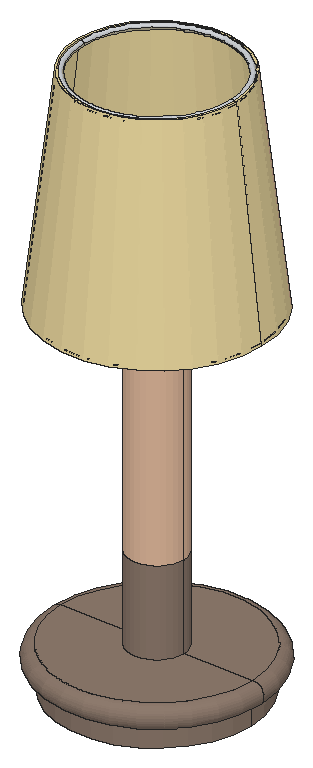
Revit family "Indoor_Table Lamp_Santa&Cole_Básica Mínima Batería", category Luminarias, Revit 2018
Family settings
  Cota de conector redondo = Diámetro de uso
  Tipo de pieza = Normal
  Número OmniClass = 23.80.70.00
  Título OmniClass = Lighting
  Se basa en plano de trabajo = No
  Siempre vertical = Sí
  Corte con vacíos al cargar = No
  Origen de luz = Sí
  Compartido = No
  Punto de cálculo de habitación = No
Parameters (values of type "Ribbon stitched")
  Ángulo de inclinación = 90.00°
  Visibility_Beige Parchment = no
  Wattage = 0.25582 W
  Technical Information = "https://www.santacole.com/recursos/productos/downloads/pdf_espec_tecnicas/SC_Basica-Minima-Bateria_ficha_tecnica.pdf"
  built-in parameter 1150110 = 1 (stored number, unit not read)
  URL = "https://www.santacole.com/en/table-lamps/?basica-minima-bateria"
  built-in parameter 1150142 = "IESNA:LM-63-2002\r\n[TEST] CL004A21F002G\r\n[TESTLAB] ASSELUM\r\n[TESTDATE] 5 Jul 2021\r\n[ISSUEDATE] 5 Jul 2021\r\n[MANUFAC] Santa&Cole\r\n[LUMCAT] BAMBTA01\r\n[LUMINAIRE] Básica Mínima Bateria (marron)\r\n[FLASHAREA] 0.017873\r\n[LAMPCAT] LED\r\n[LAMP] Custome Bulb 3V\r\n[OTHER] Absolute Photometry\r\nTILT=NONE\r\n1 -1 1.0 73 25 1 2 -0.120 -0.120 0.130\r\n1.00 1.00 1.74\r\n0.00 2.50 5.00 7.50 10.00 12.50 15.00 17.50 20.00 22.50 \r\n25.00 27.50 30.00 32.50 35.00 37.50 40.00 42.50 45.00 \r\n47.50 50.00 52.50 55.00 57.50 60.00 62.50 65.00 67.50 \r\n70.00 72.50 75.00 77.50 80.00 82.50 85.00 87.50 90.00 \r\n92.50 95.00 97.50 100.00 102.50 105.00 107.50 110.00 \r\n112.50 115.00 117.50 120.00 122.50 125.00 127.50 130.00 \r\n132.50 135.00 137.50 140.00 142.50 145.00 147.50 150.00 \r\n152.50 155.00 157.50 160.00 162.50 165.00 167.50 170.00 \r\n172.50 175.00 177.50 180.00 \r\n0.00 15.00 30.00 45.00 60.00 75.00 90.00 105.00 120.00 \r\n135.00 150.00 165.00 180.00 195.00 210.00 225.00 240.00 \r\n255.00 270.00 285.00 300.00 315.00 330.00 345.00 360.00 \r\n0.15 0.17 0.17 0.20 0.30 0.50 0.67 0.89 1.14 1.51 1.79 \r\n2.15 2.38 2.56 2.71 2.84 2.95 3.00 3.38 5.09 5.21 4.91 \r\n4.57 4.20 3.73 3.36 3.07 2.83 2.57 2.33 2.09 1.99 1.88 \r\n1.78 1.67 1.56 1.53 1.58 1.67 1.76 1.84 1.92 2.00 2.13 \r\n2.24 2.36 2.47 2.59 2.77 2.94 3.06 3.21 3.35 3.51 3.59 \r\n3.64 3.75 3.90 3.97 4.05 4.08 4.20 4.45 4.67 4.55 4.18 \r\n3.79 3.33 2.88 2.54 2.30 2.16 2.12 \r\n0.15 0.17 0.19 0.24 0.38 0.58 0.85 1.18 1.60 2.16 2.89 \r\n3.47 3.98 4.47 5.03 5.36 5.59 5.75 5.78 5.67 5.39 5.06 \r\n4.69 4.26 3.80 3.44 3.14 2.86 2.57 2.34 2.17 2.02 1.91 \r\n1.79 1.69 1.63 1.64 1.64 1.69 1.78 1.86 1.95 2.02 2.15 \r\n2.26 2.37 2.50 2.64 2.78 2.94 3.07 3.22 3.35 3.46 3.57 \r\n3.66 3.73 3.83 3.95 4.01 4.09 4.22 4.42 4.54 4.46 4.19 \r\n3.83 3.37 2.96 2.63 2.40 2.24 2.12 \r\n0.15 0.18 0.21 0.22 0.25 0.38 0.68 1.12 1.82 2.51 3.31 \r\n4.18 5.00 5.75 6.25 6.70 6.85 6.80 6.52 6.15 5.70 5.17 \r\n4.68 4.19 3.82 3.44 3.12 2.84 2.58 2.35 2.18 2.03 1.91 \r\n1.81 1.71 1.63 1.59 1.64 1.71 1.79 1.87 1.97 2.06 2.15 \r\n2.26 2.39 2.51 2.66 2.78 2.94 3.10 3.24 3.39 3.49 3.59 \r\n3.66 3.76 3.90 3.96 4.03 4.08 4.23 4.49 4.64 4.57 4.20 \r\n3.71 3.33 2.96 2.59 2.33 2.15 2.12 \r\n0.15 0.18 0.19 0.20 0.27 0.47 0.81 1.26 1.94 2.69 3.57 \r\n4.34 5.13 5.78 6.19 6.49 6.56 6.58 6.37 6.07 5.64 5.17 \r\n4.68 4.22 3.84 3.49 3.17 2.85 2.61 2.41 2.21 2.07 1.94 \r\n1.84 1.74 1.69 1.67 1.66 1.74 1.82 1.90 1.99 2.09 2.19 \r\n2.30 2.43 2.54 2.67 2.81 2.96 3.12 3.25 3.38 3.49 3.58 \r\n3.68 3.75 3.86 3.95 4.01 4.08 4.21 4.39 4.49 4.41 4.14 \r\n3.77 3.34 2.98 2.66 2.41 2.22 2.12 \r\n0.15 0.16 0.19 0.22 0.24 0.35 0.62 1.00 1.71 2.42 3.23 \r\n4.01 4.75 5.60 6.14 6.47 6.64 6.59 6.35 6.02 5.54 5.10 \r\n4.62 4.14 3.78 3.39 3.10 2.82 2.54 2.35 2.14 2.02 1.90 \r\n1.79 1.71 1.62 1.60 1.64 1.71 1.78 1.88 1.96 2.06 2.16 \r\n2.26 2.38 2.49 2.66 2.79 2.93 3.10 3.23 3.38 3.49 3.59 \r\n3.64 3.75 3.87 3.94 4.00 4.05 4.20 4.40 4.55 4.47 4.16 \r\n3.71 3.29 2.91 2.55 2.33 2.15 2.12 \r\n0.15 0.15 0.18 0.24 0.31 0.50 0.84 1.25 1.70 2.22 2.78 \r\n3.27 3.90 3.84 4.19 4.68 5.11 5.40 5.41 5.32 5.16 4.92 \r\n4.54 4.17 3.79 3.40 3.08 2.79 2.53 2.33 2.15 1.99 1.85 \r\n1.77 1.68 1.61 1.61 1.62 1.68 1.75 1.85 1.92 2.03 2.12 \r\n2.21 2.35 2.49 2.62 2.73 2.90 3.05 3.20 3.34 3.42 3.54 \r\n3.63 3.74 3.81 3.89 3.96 4.06 4.18 4.32 4.38 4.36 4.07 \r\n3.65 3.28 2.95 2.59 2.34 2.18 2.12 \r\n0.15 0.13 0.16 0.20 0.32 0.50 0.64 0.86 1.19 1.50 1.88 \r\n2.15 2.36 2.51 2.52 2.37 2.23 2.16 2.20 2.42 3.78 4.38 \r\n4.22 4.02 3.69 3.32 3.04 2.77 2.49 2.28 2.08 1.97 1.83 \r\n1.75 1.65 1.60 1.55 1.59 1.64 1.73 1.83 1.89 2.00 2.10 \r\n2.23 2.34 2.46 2.60 2.74 2.89 3.04 3.18 3.35 3.45 3.54 \r\n3.63 3.72 3.84 3.91 3.94 4.03 4.14 4.32 4.50 4.39 4.10 \r\n3.67 3.23 2.87 2.52 2.27 2.12 2.12 \r\n0.15 0.15 0.18 0.24 0.31 0.50 0.84 1.25 1.70 2.22 2.78 \r\n3.27 3.90 3.84 4.19 4.68 5.11 5.40 5.41 5.32 5.16 4.92 \r\n4.54 4.17 3.79 3.40 3.08 2.79 2.53 2.33 2.15 1.99 1.85 \r\n1.77 1.68 1.61 1.61 1.62 1.68 1.75 1.85 1.92 2.03 2.12 \r\n2.21 2.35 2.49 2.62 2.73 2.90 3.05 3.20 3.34 3.42 3.54 \r\n3.63 3.74 3.81 3.89 3.96 4.06 4.18 4.32 4.38 4.36 4.07 \r\n3.65 3.28 2.95 2.59 2.34 2.18 2.12 \r\n0.15 0.16 0.19 0.22 0.24 0.35 0.62 1.00 1.71 2.42 3.23 \r\n4.01 4.75 5.60 6.14 6.47 6.64 6.59 6.35 6.02 5.54 5.10 \r\n4.62 4.14 3.78 3.39 3.10 2.82 2.54 2.35 2.14 2.02 1.90 \r\n1.79 1.71 1.62 1.60 1.64 1.71 1.78 1.88 1.96 2.06 2.16 \r\n2.26 2.38 2.49 2.66 2.79 2.93 3.10 3.23 3.38 3.49 3.59 \r\n3.64 3.75 3.87 3.94 4.00 4.05 4.20 4.40 4.55 4.47 4.16 \r\n3.71 3.29 2.91 2.55 2.33 2.15 2.12 \r\n0.15 0.18 0.19 0.20 0.27 0.47 0.81 1.26 1.94 2.69 3.57 \r\n4.34 5.13 5.78 6.19 6.49 6.56 6.58 6.37 6.07 5.64 5.17 \r\n4.68 4.22 3.84 3.49 3.17 2.85 2.61 2.41 2.21 2.07 1.94 \r\n1.84 1.74 1.69 1.67 1.66 1.74 1.82 1.90 1.99 2.09 2.19 \r\n2.30 2.43 2.54 2.67 2.81 2.96 3.12 3.25 3.38 3.49 3.58 \r\n3.68 3.75 3.86 3.95 4.01 4.08 4.21 4.39 4.49 4.41 4.14 \r\n3.77 3.34 2.98 2.66 2.41 2.22 2.12 \r\n0.15 0.18 0.21 0.22 0.25 0.38 0.68 1.12 1.82 2.51 3.31 \r\n4.18 5.00 5.75 6.25 6.70 6.85 6.80 6.52 6.15 5.70 5.17 \r\n4.68 4.19 3.82 3.44 3.12 2.84 2.58 2.35 2.18 2.03 1.91 \r\n1.81 1.71 1.63 1.59 1.64 1.71 1.79 1.87 1.97 2.06 2.15 \r\n2.26 2.39 2.51 2.66 2.78 2.94 3.10 3.24 3.39 3.49 3.59 \r\n3.66 3.76 3.90 3.96 4.03 4.08 4.23 4.49 4.64 4.57 4.20 \r\n3.71 3.33 2.96 2.59 2.33 2.15 2.12 \r\n0.15 0.17 0.19 0.24 0.38 0.58 0.85 1.18 1.60 2.16 2.89 \r\n3.47 3.98 4.47 5.03 5.36 5.59 5.75 5.78 5.67 5.39 5.06 \r\n4.69 4.26 3.80 3.44 3.14 2.86 2.57 2.34 2.17 2.02 1.91 \r\n1.79 1.69 1.63 1.64 1.64 1.69 1.78 1.86 1.95 2.02 2.15 \r\n2.26 2.37 2.50 2.64 2.78 2.94 3.07 3.22 3.35 3.46 3.57 \r\n3.66 3.73 3.83 3.95 4.01 4.09 4.22 4.42 4.54 4.46 4.19 \r\n3.83 3.37 2.96 2.63 2.40 2.24 2.12 \r\n0.15 0.17 0.17 0.20 0.30 0.50 0.67 0.89 1.14 1.51 1.79 \r\n2.15 2.38 2.56 2.71 2.84 2.95 3.00 3.38 5.09 5.21 4.91 \r\n4.57 4.20 3.73 3.36 3.07 2.83 2.57 2.33 2.09 1.99 1.88 \r\n1.78 1.67 1.56 1.53 1.58 1.67 1.76 1.84 1.92 2.00 2.13 \r\n2.24 2.36 2.47 2.59 2.77 2.94 3.06 3.21 3.35 3.51 3.59 \r\n3.64 3.75 3.90 3.97 4.05 4.08 4.20 4.45 4.67 4.55 4.18 \r\n3.79 3.33 2.88 2.54 2.30 2.16 2.12 \r\n0.15 0.17 0.19 0.24 0.38 0.58 0.85 1.18 1.60 2.16 2.89 \r\n3.47 3.98 4.47 5.03 5.36 5.59 5.75 5.78 5.67 5.39 5.06 \r\n4.69 4.26 3.80 3.44 3.14 2.86 2.57 2.34 2.17 2.02 1.91 \r\n1.79 1.69 1.63 1.64 1.64 1.69 1.78 1.86 1.95 2.02 2.15 \r\n2.26 2.37 2.50 2.64 2.78 2.94 3.07 3.22 3.35 3.46 3.57 \r\n3.66 3.73 3.83 3.95 4.01 4.09 4.22 4.42 4.54 4.46 4.19 \r\n3.83 3.37 2.96 2.63 2.40 2.24 2.12 \r\n0.15 0.18 0.21 0.22 0.25 0.38 0.68 1.12 1.82 2.51 3.31 \r\n4.18 5.00 5.75 6.25 6.70 6.85 6.80 6.52 6.15 5.70 5.17 \r\n4.68 4.19 3.82 3.44 3.12 2.84 2.58 2.35 2.18 2.03 1.91 \r\n1.81 1.71 1.63 1.59 1.64 1.71 1.79 1.87 1.97 2.06 2.15 \r\n2.26 2.39 2.51 2.66 2.78 2.94 3.10 3.24 3.39 3.49 3.59 \r\n3.66 3.76 3.90 3.96 4.03 4.08 4.23 4.49 4.64 4.57 4.20 \r\n3.71 3.33 2.96 2.59 2.33 2.15 2.12 \r\n0.15 0.18 0.19 0.20 0.27 0.47 0.81 1.26 1.94 2.69 3.57 \r\n4.34 5.13 5.78 6.19 6.49 6.56 6.58 6.37 6.07 5.64 5.17 \r\n4.68 4.22 3.84 3.49 3.17 2.85 2.61 2.41 2.21 2.07 1.94 \r\n1.84 1.74 1.69 1.67 1.66 1.74 1.82 1.90 1.99 2.09 2.19 \r\n2.30 2.43 2.54 2.67 2.81 2.96 3.12 3.25 3.38 3.49 3.58 \r\n3.68 3.75 3.86 3.95 4.01 4.08 4.21 4.39 4.49 4.41 4.14 \r\n3.77 3.34 2.98 2.66 2.41 2.22 2.12 \r\n0.15 0.16 0.19 0.22 0.24 0.35 0.62 1.00 1.71 2.42 3.23 \r\n4.01 4.75 5.60 6.14 6.47 6.64 6.59 6.35 6.02 5.54 5.10 \r\n4.62 4.14 3.78 3.39 3.10 2.82 2.54 2.35 2.14 2.02 1.90 \r\n1.79 1.71 1.62 1.60 1.64 1.71 1.78 1.88 1.96 2.06 2.16 \r\n2.26 2.38 2.49 2.66 2.79 2.93 3.10 3.23 3.38 3.49 3.59 \r\n3.64 3.75 3.87 3.94 4.00 4.05 4.20 4.40 4.55 4.47 4.16 \r\n3.71 3.29 2.91 2.55 2.33 2.15 2.12 \r\n0.15 0.15 0.18 0.24 0.31 0.50 0.84 1.25 1.70 2.22 2.78 \r\n3.27 3.90 3.84 4.19 4.68 5.11 5.40 5.41 5.32 5.16 4.92 \r\n4.54 4.17 3.79 3.40 3.08 2.79 2.53 2.33 2.15 1.99 1.85 \r\n1.77 1.68 1.61 1.61 1.62 1.68 1.75 1.85 1.92 2.03 2.12 \r\n2.21 2.35 2.49 2.62 2.73 2.90 3.05 3.20 3.34 3.42 3.54 \r\n3.63 3.74 3.81 3.89 3.96 4.06 4.18 4.32 4.38 4.36 4.07 \r\n3.65 3.28 2.95 2.59 2.34 2.18 2.12 \r\n0.15 0.13 0.16 0.20 0.32 0.50 0.64 0.86 1.19 1.50 1.88 \r\n2.15 2.36 2.51 2.52 2.37 2.23 2.16 2.20 2.42 3.78 4.38 \r\n4.22 4.02 3.69 3.32 3.04 2.77 2.49 2.28 2.08 1.97 1.83 \r\n1.75 1.65 1.60 1.55 1.59 1.64 1.73 1.83 1.89 2.00 2.10 \r\n2.23 2.34 2.46 2.60 2.74 2.89 3.04 3.18 3.35 3.45 3.54 \r\n3.63 3.72 3.84 3.91 3.94 4.03 4.14 4.32 4.50 4.39 4.10 \r\n3.67 3.23 2.87 2.52 2.27 2.12 2.12 \r\n0.15 0.15 0.18 0.24 0.31 0.50 0.84 1.25 1.70 2.22 2.78 \r\n3.27 3.90 3.84 4.19 4.68 5.11 5.40 5.41 5.32 5.16 4.92 \r\n4.54 4.17 3.79 3.40 3.08 2.79 2.53 2.33 2.15 1.99 1.85 \r\n1.77 1.68 1.61 1.61 1.62 1.68 1.75 1.85 1.92 2.03 2.12 \r\n2.21 2.35 2.49 2.62 2.73 2.90 3.05 3.20 3.34 3.42 3.54 \r\n3.63 3.74 3.81 3.89 3.96 4.06 4.18 4.32 4.38 4.36 4.07 \r\n3.65 3.28 2.95 2.59 2.34 2.18 2.12 \r\n0.15 0.16 0.19 0.22 0.24 0.35 0.62 1.00 1.71 2.42 3.23 \r\n4.01 4.75 5.60 6.14 6.47 6.64 6.59 6.35 6.02 5.54 5.10 \r\n4.62 4.14 3.78 3.39 3.10 2.82 2.54 2.35 2.14 2.02 1.90 \r\n1.79 1.71 1.62 1.60 1.64 1.71 1.78 1.88 1.96 2.06 2.16 \r\n2.26 2.38 2.49 2.66 2.79 2.93 3.10 3.23 3.38 3.49 3.59 \r\n3.64 3.75 3.87 3.94 4.00 4.05 4.20 4.40 4.55 4.47 4.16 \r\n3.71 3.29 2.91 2.55 2.33 2.15 2.12 \r\n0.15 0.18 0.19 0.20 0.27 0.47 0.81 1.26 1.94 2.69 3.57 \r\n4.34 5.13 5.78 6.19 6.49 6.56 6.58 6.37 6.07 5.64 5.17 \r\n4.68 4.22 3.84 3.49 3.17 2.85 2.61 2.41 2.21 2.07 1.94 \r\n1.84 1.74 1.69 1.67 1.66 1.74 1.82 1.90 1.99 2.09 2.19 \r\n2.30 2.43 2.54 2.67 2.81 2.96 3.12 3.25 3.38 3.49 3.58 \r\n3.68 3.75 3.86 3.95 4.01 4.08 4.21 4.39 4.49 4.41 4.14 \r\n3.77 3.34 2.98 2.66 2.41 2.22 2.12 \r\n0.15 0.18 0.21 0.22 0.25 0.38 0.68 1.12 1.82 2.51 3.31 \r\n4.18 5.00 5.75 6.25 6.70 6.85 6.80 6.52 6.15 5.70 5.17 \r\n4.68 4.19 3.82 3.44 3.12 2.84 2.58 2.35 2.18 2.03 1.91 \r\n1.81 1.71 1.63 1.59 1.64 1.71 1.79 1.87 1.97 2.06 2.15 \r\n2.26 2.39 2.51 2.66 2.78 2.94 3.10 3.24 3.39 3.49 3.59 \r\n3.66 3.76 3.90 3.96 4.03 4.08 4.23 4.49 4.64 4.57 4.20 \r\n3.71 3.33 2.96 2.59 2.33 2.15 2.12 \r\n0.15 0.17 0.19 0.24 0.38 0.58 0.85 1.18 1.60 2.16 2.89 \r\n3.47 3.98 4.47 5.03 5.36 5.59 5.75 5.78 5.67 5.39 5.06 \r\n4.69 4.26 3.80 3.44 3.14 2.86 2.57 2.34 2.17 2.02 1.91 \r\n1.79 1.69 1.63 1.64 1.64 1.69 1.78 1.86 1.95 2.02 2.15 \r\n2.26 2.37 2.50 2.64 2.78 2.94 3.07 3.22 3.35 3.46 3.57 \r\n3.66 3.73 3.83 3.95 4.01 4.09 4.22 4.42 4.54 4.46 4.19 \r\n3.83 3.37 2.96 2.63 2.40 2.24 2.12 \r\n0.15 0.17 0.17 0.20 0.30 0.50 0.67 0.89 1.14 1.51 1.79 \r\n2.15 2.38 2.56 2.71 2.84 2.95 3.00 3.38 5.09 5.21 4.91 \r\n4.57 4.20 3.73 3.36 3.07 2.83 2.57 2.33 2.09 1.99 1.88 \r\n1.78 1.67 1.56 1.53 1.58 1.67 1.76 1.84 1.92 2.00 2.13 \r\n2.24 2.36 2.47 2.59 2.77 2.94 3.06 3.21 3.35 3.51 3.59 \r\n3.64 3.75 3.90 3.97 4.05 4.08 4.20 4.45 4.67 4.55 4.18 \r\n3.79 3.33 2.88 2.54 2.30 2.16 2.12 \r\n"
  Manufacturer website = "http://www.santacole.com"
  Lampshade Material = Santa & Cole - Natural Ribbon
  built-in parameter 1114217 = 1 (stored number, unit not read)
  built-in parameter 1150109 = 1 (stored number, unit not read)
  Energy Label = ""
  Designed by = "Santiago Roqueta, Equipo Santa & Cole, 2021"
  Contact phone = "+34.938.619.100"
  Contact e-mail = "info@santacole.com"
  built-in parameter 1150134 = (empty or 0)
  built-in parameter 1150113 = 1 (stored number, unit not read)
  Modelo = "Básica Mínima Batería"
  Fabricante = "Santa & Cole"
  Lumens = 38 lm
  built-in parameter 1150115 = 1 (stored number, unit not read)
  built-in parameter 1150105 = 3.0239 (stored number, unit not read)
  Load = 17 W
  built-in parameter 1150137 = (empty or 0)
  built-in parameter 1150139 = (empty or 0)
  built-in parameter 1150112 = 1 (stored number, unit not read)
  built-in parameter 1150114 = 1 (stored number, unit not read)
  Lamp = ""
  built-in parameter 1150132 = 2
  built-in parameter 1150102 = (empty or 0)
  built-in parameter 1150138 = (empty or 0)
  built-in parameter 1150107 = 2200 (stored number, unit not read)
  built-in parameter 1150106 = 0.030239 (stored number, unit not read)
  built-in parameter 1150104 = 13.8 (stored number, unit not read)
  Code = "BABTA01"
  Dimming Lamp Color Temperature Shift = (empty or 0)
  Color Filter = 16777215
  built-in parameter 1114218 = 1 (stored number, unit not read)
  Assembly instructions - UL = ""
  Assembly instructions - CE = "https://www.santacole.com/recursos/productos/downloads/pdf_montaje/Basica_Minima_Bateria_SC.pdf"
  Archivo de red fotométrica = "Básica Mínima Bateria cartulina BAMBTA01 (CL004A21F002G).IES"
  built-in parameter 1150133 = 10 (stored number, unit not read)
  Apparent Load = 17 VA
Types (2, lengths in mm): name | Visibility_Beige Parchment | Lampshade Material
  Pleated natural parchment | yes | Santa & Cole - Beige Cardboard
  Ribbon stitched | no | Santa & Cole - Natural Ribbon
Reference planes
  plane 1 "Light Source Axis (F/B)": y = 0
  plane 2: z = 0
  plane 3 "Light Source Axis (L/R)": x = 0
  plane 4 "Light Source Elevation": z = 260
Forms (mm)
  Revolve 1, solid, material "Santa & Cole - Bronze"
    sketch origin (0, 0, 0) x (1, 0, 0) y (0, 0, 1)
      loop
        arc (-56.998, 24.641) -> (-63.491, 17.845) -> (-56.406, 11.668) r 6.5
        line (-56.406, 11.668) -> (-56.203, 0) -> (0, 0) -> (0, 24.641) -> (-56.998, 24.641)
      axis (0, 24.641) -> (0, 0)
    angle from 0 to 360
  Revolve 2, solid, material "Santa & Cole - Bronze"
    sketch origin (0, 0, 0) x (1, 0, 0) y (0, 0, 1)
      loop
        line (-15.998, 74.641) -> (-15.998, 24.641) -> (0, 24.641) -> (0, 74.641) -> (-15.998, 74.641)
      axis (0, 74.641) -> (0, 24.641)
    angle from 0 to 360
  Revolve 3, solid
    sketch origin (0, 0, 0) x (1, 0, 0) y (0, 0, 1)
      loop
        line (-20.998, 207.641) -> (-20.998, 206.641) -> (-17.765, 206.641)
        arc (-17.765, 206.641) -> (-16.429, 207.029) -> (-15.507, 208.07) r 2.5
        arc (-15.507, 208.07) -> (-14.832, 208.566) -> (-13.998, 208.641) r 1.56
        line (-13.998, 208.641) -> (-13.998, 209.641)
        arc (-13.998, 209.641) -> (-15.467, 209.317) -> (-16.489, 208.213) r 2.516
        arc (-16.489, 208.213) -> (-16.858, 207.796) -> (-17.392, 207.641) r 1
        line (-17.392, 207.641) -> (-20.998, 207.641)
      axis (0, 206.641) -> (0, 209.641)
    angle from 0 to 360
  Revolve 4, solid
    sketch origin (0, 0, 0) x (1, 0, 0) y (0, 0, 1)
      loop
        circle (60.002, 206.182) r 1.5
      loop
        circle (45.022, 328.182) r 1.5
      axis (0, 206.182) -> (0, 328.182)
    angle from 0 to 360
  Revolve 5, solid
    sketch origin (0, 0, 0) x (1, 0, 0) y (0, 0, 1)
      loop
        line (19.17, 209.641) -> (19.17, 208.641) -> (59.171, 208.641) -> (59.171, 209.641) -> (19.17, 209.641)
      axis (19.17, 208.641) -> (59.171, 208.641)
    angle from 0 to 360
  Revolve 6, solid
    sketch origin (0, 0, 0) x (-0.5, 0.866025, 0) y (0, 0, 1)
      loop
        line (19.17, 209.641) -> (19.17, 208.641) -> (59.171, 208.641) -> (59.171, 209.641) -> (19.17, 209.641)
      axis (19.17, 208.641) -> (59.171, 208.641)
    angle from 0 to 360
  Revolve 7, solid
    sketch origin (0, 0, 0) x (-0.5, -0.866025, 0) y (0, 0, 1)
      loop
        line (19.17, 209.641) -> (19.17, 208.641) -> (59.171, 208.641) -> (59.171, 209.641) -> (19.17, 209.641)
      axis (19.17, 208.641) -> (59.171, 208.641)
    angle from 0 to 360
  Revolve 8, solid, material "Santa & Cole - Natural Ribbon" <- "Lampshade Material"
    sketch origin (0, 0, 0) x (1, 0, 0) y (0, 0, 1)
      loop
        line (47.338, 329.682) -> (46.338, 329.682) -> (61.687, 204.682) -> (62.687, 204.682) -> (47.338, 329.682)
      axis (0, 204.682) -> (0, 329.682)
    angle from 0 to 360
  Revolve 9, solid, material "Santa & Cole - Birch Wood"
    sketch origin (0, 0, 0) x (1, 0, 0) y (0, 0, 1)
      loop
        line (-15.998, 207.341) -> (-15.998, 74.641) -> (0, 74.641) -> (0, 212.952) -> (-9.998, 212.952) -> (-9.998, 218.859) -> (-15.748, 218.859) -> (-15.748, 211.478) -> (-16.998, 210.974) -> (-16.998, 209.674) -> (-13.998, 209.674) -> (-13.998, 207.341) -> (-15.998, 207.341)
      axis (0, 218.859) -> (0, 74.641)
    angle from 0 to 360
  Blend 10, solid, material "Santa & Cole - Leather", visible <- "Visibility_Beige Parchment"
    base sketch origin (-1.069, -0.575, 322.97) x (-0.999048, 0.043619, 0) y (-0.043619, -0.999048, 0)
      loop
        line (-49.485, 0) -> (-49.485, -0.9) -> (-48.561, -0.9) -> (-48.561, 0) -> (-49.485, 0)
    top sketch origin (-1.069, -0.575, 322.97) x (-0.999048, 0.043619, 0) y (-0.043619, -0.999048, 0)
      loop
        line (-47.638, 0.875) -> (-47.638, 1.775) -> (-48.561, 1.775) -> (-48.561, 0.875) -> (-47.638, 0.875)
    from 2.683 to 8.942
  Blend 11, solid, material "Santa & Cole - Leather", visible <- "Visibility_Beige Parchment"
    base sketch origin (-1.13, -0.189, 322.97) x (-0.936672, 0.350207, 0) y (-0.350207, -0.936672, 0)
      loop
        line (-49.485, 0) -> (-49.485, -0.9) -> (-48.561, -0.9) -> (-48.561, 0) -> (-49.485, 0)
    top sketch origin (-1.13, -0.189, 322.97) x (-0.936672, 0.350207, 0) y (-0.350207, -0.936672, 0)
      loop
        line (-47.638, 0.875) -> (-47.638, 1.775) -> (-48.561, 1.775) -> (-48.561, 0.875) -> (-47.638, 0.875)
    from 2.683 to 8.942
  Blend 12, solid, material "Santa & Cole - Leather", visible <- "Visibility_Beige Parchment"
    base sketch origin (-0.892, -0.923, 322.97) x (-0.96363, -0.267238, 0) y (0.267238, -0.96363, 0)
      loop
        line (-49.485, 0) -> (-49.485, -0.9) -> (-48.561, -0.9) -> (-48.561, 0) -> (-49.485, 0)
    top sketch origin (-0.892, -0.923, 322.97) x (-0.96363, -0.267238, 0) y (0.267238, -0.96363, 0)
      loop
        line (-47.638, 0.875) -> (-47.638, 1.775) -> (-48.561, 1.775) -> (-48.561, 0.875) -> (-47.638, 0.875)
    from 2.683 to 8.942
  Blend 13, solid, material "Santa & Cole - Leather", visible <- "Visibility_Beige Parchment"
    base sketch origin (-0.615, -1.2, 322.97) x (-0.833886, -0.551937, 0) y (0.551937, -0.833886, 0)
      loop
        line (-49.485, 0) -> (-49.485, -0.9) -> (-48.561, -0.9) -> (-48.561, 0) -> (-49.485, 0)
    top sketch origin (-0.615, -1.2, 322.97) x (-0.833886, -0.551937, 0) y (0.551937, -0.833886, 0)
      loop
        line (-47.638, 0.875) -> (-47.638, 1.775) -> (-48.561, 1.775) -> (-48.561, 0.875) -> (-47.638, 0.875)
    from 2.683 to 8.942
  Blend 14, solid, material "Santa & Cole - Leather", visible <- "Visibility_Beige Parchment"
    base sketch origin (-0.267, -1.378, 322.97) x (-0.622515, -0.782608, 0) y (0.782608, -0.622515, 0)
      loop
        line (-49.485, 0) -> (-49.485, -0.9) -> (-48.561, -0.9) -> (-48.561, 0) -> (-49.485, 0)
    top sketch origin (-0.267, -1.378, 322.97) x (-0.622515, -0.782608, 0) y (0.782608, -0.622515, 0)
      loop
        line (-47.638, 0.875) -> (-47.638, 1.775) -> (-48.561, 1.775) -> (-48.561, 0.875) -> (-47.638, 0.875)
    from 2.683 to 8.942
  Blend 15, solid, material "Santa & Cole - Leather", visible <- "Visibility_Beige Parchment"
    base sketch origin (0.12, -1.439, 322.97) x (-0.350207, -0.936672, 0) y (0.936672, -0.350207, 0)
      loop
        line (-49.485, 0) -> (-49.485, -0.9) -> (-48.561, -0.9) -> (-48.561, 0) -> (-49.485, 0)
    top sketch origin (0.12, -1.439, 322.97) x (-0.350207, -0.936672, 0) y (0.936672, -0.350207, 0)
      loop
        line (-47.638, 0.875) -> (-47.638, 1.775) -> (-48.561, 1.775) -> (-48.561, 0.875) -> (-47.638, 0.875)
    from 2.683 to 8.942
  Blend 16, solid, material "Santa & Cole - Leather", visible <- "Visibility_Beige Parchment"
    base sketch origin (0.506, -1.378, 322.97) x (-0.043619, -0.999048, 0) y (0.999048, -0.043619, 0)
      loop
        line (-49.485, 0) -> (-49.485, -0.9) -> (-48.561, -0.9) -> (-48.561, 0) -> (-49.485, 0)
    top sketch origin (0.506, -1.378, 322.97) x (-0.043619, -0.999048, 0) y (0.999048, -0.043619, 0)
      loop
        line (-47.638, 0.875) -> (-47.638, 1.775) -> (-48.561, 1.775) -> (-48.561, 0.875) -> (-47.638, 0.875)
    from 2.683 to 8.942
  Blend 17, solid, material "Santa & Cole - Leather", visible <- "Visibility_Beige Parchment"
    base sketch origin (0.854, -1.2, 322.97) x (0.267238, -0.96363, 0) y (0.96363, 0.267238, 0)
      loop
        line (-49.485, 0) -> (-49.485, -0.9) -> (-48.561, -0.9) -> (-48.561, 0) -> (-49.485, 0)
    top sketch origin (0.854, -1.2, 322.97) x (0.267238, -0.96363, 0) y (0.96363, 0.267238, 0)
      loop
        line (-47.638, 0.875) -> (-47.638, 1.775) -> (-48.561, 1.775) -> (-48.561, 0.875) -> (-47.638, 0.875)
    from 2.683 to 8.942
  Blend 18, solid, material "Santa & Cole - Leather", visible <- "Visibility_Beige Parchment"
    base sketch origin (1.131, -0.923, 322.97) x (0.551937, -0.833886, 0) y (0.833886, 0.551937, 0)
      loop
        line (-49.485, 0) -> (-49.485, -0.9) -> (-48.561, -0.9) -> (-48.561, 0) -> (-49.485, 0)
    top sketch origin (1.131, -0.923, 322.97) x (0.551937, -0.833886, 0) y (0.833886, 0.551937, 0)
      loop
        line (-47.638, 0.875) -> (-47.638, 1.775) -> (-48.561, 1.775) -> (-48.561, 0.875) -> (-47.638, 0.875)
    from 2.683 to 8.942
  Blend 19, solid, material "Santa & Cole - Leather", visible <- "Visibility_Beige Parchment"
    base sketch origin (1.308, -0.575, 322.97) x (0.782608, -0.622515, 0) y (0.622515, 0.782608, 0)
      loop
        line (-49.485, 0) -> (-49.485, -0.9) -> (-48.561, -0.9) -> (-48.561, 0) -> (-49.485, 0)
    top sketch origin (1.308, -0.575, 322.97) x (0.782608, -0.622515, 0) y (0.622515, 0.782608, 0)
      loop
        line (-47.638, 0.875) -> (-47.638, 1.775) -> (-48.561, 1.775) -> (-48.561, 0.875) -> (-47.638, 0.875)
    from 2.683 to 8.942
  Blend 20, solid, material "Santa & Cole - Leather", visible <- "Visibility_Beige Parchment"
    base sketch origin (1.37, -0.189, 322.97) x (0.936672, -0.350207, 0) y (0.350207, 0.936672, 0)
      loop
        line (-49.485, 0) -> (-49.485, -0.9) -> (-48.561, -0.9) -> (-48.561, 0) -> (-49.485, 0)
    top sketch origin (1.37, -0.189, 322.97) x (0.936672, -0.350207, 0) y (0.350207, 0.936672, 0)
      loop
        line (-47.638, 0.875) -> (-47.638, 1.775) -> (-48.561, 1.775) -> (-48.561, 0.875) -> (-47.638, 0.875)
    from 2.683 to 8.942
  Blend 21, solid, material "Santa & Cole - Leather", visible <- "Visibility_Beige Parchment"
    base sketch origin (1.308, 0.198, 322.97) x (0.999048, -0.043619, 0) y (0.043619, 0.999048, 0)
      loop
        line (-49.485, 0) -> (-49.485, -0.9) -> (-48.561, -0.9) -> (-48.561, 0) -> (-49.485, 0)
    top sketch origin (1.308, 0.198, 322.97) x (0.999048, -0.043619, 0) y (0.043619, 0.999048, 0)
      loop
        line (-47.638, 0.875) -> (-47.638, 1.775) -> (-48.561, 1.775) -> (-48.561, 0.875) -> (-47.638, 0.875)
    from 2.683 to 8.942
  Blend 22, solid, material "Santa & Cole - Leather", visible <- "Visibility_Beige Parchment"
    base sketch origin (1.131, 0.546, 322.97) x (0.96363, 0.267238, 0) y (-0.267238, 0.96363, 0)
      loop
        line (-49.485, 0) -> (-49.485, -0.9) -> (-48.561, -0.9) -> (-48.561, 0) -> (-49.485, 0)
    top sketch origin (1.131, 0.546, 322.97) x (0.96363, 0.267238, 0) y (-0.267238, 0.96363, 0)
      loop
        line (-47.638, 0.875) -> (-47.638, 1.775) -> (-48.561, 1.775) -> (-48.561, 0.875) -> (-47.638, 0.875)
    from 2.683 to 8.942
  Blend 23, solid, material "Santa & Cole - Leather", visible <- "Visibility_Beige Parchment"
    base sketch origin (0.854, 0.823, 322.97) x (0.833886, 0.551937, 0) y (-0.551937, 0.833886, 0)
      loop
        line (-49.485, 0) -> (-49.485, -0.9) -> (-48.561, -0.9) -> (-48.561, 0) -> (-49.485, 0)
    top sketch origin (0.854, 0.823, 322.97) x (0.833886, 0.551937, 0) y (-0.551937, 0.833886, 0)
      loop
        line (-47.638, 0.875) -> (-47.638, 1.775) -> (-48.561, 1.775) -> (-48.561, 0.875) -> (-47.638, 0.875)
    from 2.683 to 8.942
  Blend 24, solid, material "Santa & Cole - Leather", visible <- "Visibility_Beige Parchment"
    base sketch origin (0.506, 1, 322.97) x (0.622515, 0.782608, 0) y (-0.782608, 0.622515, 0)
      loop
        line (-49.485, 0) -> (-49.485, -0.9) -> (-48.561, -0.9) -> (-48.561, 0) -> (-49.485, 0)
    top sketch origin (0.506, 1, 322.97) x (0.622515, 0.782608, 0) y (-0.782608, 0.622515, 0)
      loop
        line (-47.638, 0.875) -> (-47.638, 1.775) -> (-48.561, 1.775) -> (-48.561, 0.875) -> (-47.638, 0.875)
    from 2.683 to 8.942
  Blend 25, solid, material "Santa & Cole - Leather", visible <- "Visibility_Beige Parchment"
    base sketch origin (0.12, 1.061, 322.97) x (0.350207, 0.936672, 0) y (-0.936672, 0.350207, 0)
      loop
        line (-49.485, 0) -> (-49.485, -0.9) -> (-48.561, -0.9) -> (-48.561, 0) -> (-49.485, 0)
    top sketch origin (0.12, 1.061, 322.97) x (0.350207, 0.936672, 0) y (-0.936672, 0.350207, 0)
      loop
        line (-47.638, 0.875) -> (-47.638, 1.775) -> (-48.561, 1.775) -> (-48.561, 0.875) -> (-47.638, 0.875)
    from 2.683 to 8.942
  Blend 26, solid, material "Santa & Cole - Leather", visible <- "Visibility_Beige Parchment"
    base sketch origin (-0.267, 1, 322.97) x (0.043619, 0.999048, 0) y (-0.999048, 0.043619, 0)
      loop
        line (-49.485, 0) -> (-49.485, -0.9) -> (-48.561, -0.9) -> (-48.561, 0) -> (-49.485, 0)
    top sketch origin (-0.267, 1, 322.97) x (0.043619, 0.999048, 0) y (-0.999048, 0.043619, 0)
      loop
        line (-47.638, 0.875) -> (-47.638, 1.775) -> (-48.561, 1.775) -> (-48.561, 0.875) -> (-47.638, 0.875)
    from 2.683 to 8.942
  Blend 27, solid, material "Santa & Cole - Leather", visible <- "Visibility_Beige Parchment"
    base sketch origin (-0.615, 0.823, 322.97) x (-0.267238, 0.96363, 0) y (-0.96363, -0.267238, 0)
      loop
        line (-49.485, 0) -> (-49.485, -0.9) -> (-48.561, -0.9) -> (-48.561, 0) -> (-49.485, 0)
    top sketch origin (-0.615, 0.823, 322.97) x (-0.267238, 0.96363, 0) y (-0.96363, -0.267238, 0)
      loop
        line (-47.638, 0.875) -> (-47.638, 1.775) -> (-48.561, 1.775) -> (-48.561, 0.875) -> (-47.638, 0.875)
    from 2.683 to 8.942
  Blend 28, solid, material "Santa & Cole - Leather", visible <- "Visibility_Beige Parchment"
    base sketch origin (-0.892, 0.546, 322.97) x (-0.551937, 0.833886, 0) y (-0.833886, -0.551937, 0)
      loop
        line (-49.485, 0) -> (-49.485, -0.9) -> (-48.561, -0.9) -> (-48.561, 0) -> (-49.485, 0)
    top sketch origin (-0.892, 0.546, 322.97) x (-0.551937, 0.833886, 0) y (-0.833886, -0.551937, 0)
      loop
        line (-47.638, 0.875) -> (-47.638, 1.775) -> (-48.561, 1.775) -> (-48.561, 0.875) -> (-47.638, 0.875)
    from 2.683 to 8.942
  Blend 29, solid, material "Santa & Cole - Leather", visible <- "Visibility_Beige Parchment"
    base sketch origin (-1.069, 0.198, 322.97) x (-0.782608, 0.622515, 0) y (-0.622515, -0.782608, 0)
      loop
        line (-49.485, 0) -> (-49.485, -0.9) -> (-48.561, -0.9) -> (-48.561, 0) -> (-49.485, 0)
    top sketch origin (-1.069, 0.198, 322.97) x (-0.782608, 0.622515, 0) y (-0.622515, -0.782608, 0)
      loop
        line (-47.638, 0.875) -> (-47.638, 1.775) -> (-48.561, 1.775) -> (-48.561, 0.875) -> (-47.638, 0.875)
    from 2.683 to 8.942
  Blend 30, solid, material "Santa & Cole - Leather", visible <- "Visibility_Beige Parchment", not visible
    base sketch origin (536.416, 454.425, 0) x (-0.999048, 0.043619, 0) y (-0.043619, -0.999048, 0)
      loop
        line (-49.485, 0) -> (-49.485, -0.9) -> (-48.561, -0.9) -> (-48.561, 0) -> (-49.485, 0)
    top sketch origin (536.416, 454.425, 0) x (-0.999048, 0.043619, 0) y (-0.043619, -0.999048, 0)
      loop
        line (-47.638, 0.875) -> (-47.638, 1.775) -> (-48.561, 1.775) -> (-48.561, 0.875) -> (-47.638, 0.875)
    from 2.683 to 8.942
  Blend 31, solid, material "Santa & Cole - Leather", visible <- "Visibility_Beige Parchment"
    base sketch origin (14.044, -0.093, 317.166) x (-0.999048, 0.043619, 0) y (-0.043619, -0.999048, 0)
      loop
        line (-49.485, 0) -> (-49.485, -0.9) -> (-48.561, -0.9) -> (-48.561, 0) -> (-49.485, 0)
    top sketch origin (14.044, -0.093, 317.166) x (-0.999048, 0.043619, 0) y (-0.043619, -0.999048, 0)
      loop
        line (-47.638, 0.875) -> (-47.638, 1.775) -> (-48.561, 1.775) -> (-48.561, 0.875) -> (-47.638, 0.875)
    from -112.484 to -105.022
  Blend 32, solid, material "Santa & Cole - Leather", visible <- "Visibility_Beige Parchment"
    base sketch origin (13.447, -4.472, 317.166) x (-0.936672, 0.350207, 0) y (-0.350207, -0.936672, 0)
      loop
        line (-49.485, 0) -> (-49.485, -0.9) -> (-48.561, -0.9) -> (-48.561, 0) -> (-49.485, 0)
    top sketch origin (13.447, -4.472, 317.166) x (-0.936672, 0.350207, 0) y (-0.350207, -0.936672, 0)
      loop
        line (-47.638, 0.875) -> (-47.638, 1.775) -> (-48.561, 1.775) -> (-48.561, 0.875) -> (-47.638, 0.875)
    from -112.484 to -105.022
  Blend 33, solid, material "Santa & Cole - Leather", visible <- "Visibility_Beige Parchment"
    base sketch origin (13.259, 4.258, 317.166) x (-0.96363, -0.267238, 0) y (0.267238, -0.96363, 0)
      loop
        line (-49.485, 0) -> (-49.485, -0.9) -> (-48.561, -0.9) -> (-48.561, 0) -> (-49.485, 0)
    top sketch origin (13.259, 4.258, 317.166) x (-0.96363, -0.267238, 0) y (0.267238, -0.96363, 0)
      loop
        line (-47.638, 0.875) -> (-47.638, 1.775) -> (-48.561, 1.775) -> (-48.561, 0.875) -> (-47.638, 0.875)
    from -112.484 to -105.022
  Blend 34, solid, material "Santa & Cole - Leather", visible <- "Visibility_Beige Parchment"
    base sketch origin (11.168, 8.152, 317.166) x (-0.833886, -0.551937, 0) y (0.551937, -0.833886, 0)
      loop
        line (-49.485, 0) -> (-49.485, -0.9) -> (-48.561, -0.9) -> (-48.561, 0) -> (-49.485, 0)
    top sketch origin (11.168, 8.152, 317.166) x (-0.833886, -0.551937, 0) y (0.551937, -0.833886, 0)
      loop
        line (-47.638, 0.875) -> (-47.638, 1.775) -> (-48.561, 1.775) -> (-48.561, 0.875) -> (-47.638, 0.875)
    from -112.484 to -105.022
  Blend 35, solid, material "Santa & Cole - Leather", visible <- "Visibility_Beige Parchment"
    base sketch origin (7.976, 11.21, 317.166) x (-0.622515, -0.782608, 0) y (0.782608, -0.622515, 0)
      loop
        line (-49.485, 0) -> (-49.485, -0.9) -> (-48.561, -0.9) -> (-48.561, 0) -> (-49.485, 0)
    top sketch origin (7.976, 11.21, 317.166) x (-0.622515, -0.782608, 0) y (0.782608, -0.622515, 0)
      loop
        line (-47.638, 0.875) -> (-47.638, 1.775) -> (-48.561, 1.775) -> (-48.561, 0.875) -> (-47.638, 0.875)
    from -112.484 to -105.022
  Blend 36, solid, material "Santa & Cole - Leather", visible <- "Visibility_Beige Parchment"
    base sketch origin (3.995, 13.131, 317.166) x (-0.350207, -0.936672, 0) y (0.936672, -0.350207, 0)
      loop
        line (-49.485, 0) -> (-49.485, -0.9) -> (-48.561, -0.9) -> (-48.561, 0) -> (-49.485, 0)
    top sketch origin (3.995, 13.131, 317.166) x (-0.350207, -0.936672, 0) y (0.936672, -0.350207, 0)
      loop
        line (-47.638, 0.875) -> (-47.638, 1.775) -> (-48.561, 1.775) -> (-48.561, 0.875) -> (-47.638, 0.875)
    from -112.484 to -105.022
  Blend 37, solid, material "Santa & Cole - Leather", visible <- "Visibility_Beige Parchment"
    base sketch origin (-0.385, 13.729, 317.166) x (-0.043619, -0.999048, 0) y (0.999048, -0.043619, 0)
      loop
        line (-49.485, 0) -> (-49.485, -0.9) -> (-48.561, -0.9) -> (-48.561, 0) -> (-49.485, 0)
    top sketch origin (-0.385, 13.729, 317.166) x (-0.043619, -0.999048, 0) y (0.999048, -0.043619, 0)
      loop
        line (-47.638, 0.875) -> (-47.638, 1.775) -> (-48.561, 1.775) -> (-48.561, 0.875) -> (-47.638, 0.875)
    from -112.484 to -105.022
  Blend 38, solid, material "Santa & Cole - Leather", visible <- "Visibility_Beige Parchment"
    base sketch origin (-4.735, 12.944, 317.166) x (0.267238, -0.96363, 0) y (0.96363, 0.267238, 0)
      loop
        line (-49.485, 0) -> (-49.485, -0.9) -> (-48.561, -0.9) -> (-48.561, 0) -> (-49.485, 0)
    top sketch origin (-4.735, 12.944, 317.166) x (0.267238, -0.96363, 0) y (0.96363, 0.267238, 0)
      loop
        line (-47.638, 0.875) -> (-47.638, 1.775) -> (-48.561, 1.775) -> (-48.561, 0.875) -> (-47.638, 0.875)
    from -112.484 to -105.022
  Blend 39, solid, material "Santa & Cole - Leather", visible <- "Visibility_Beige Parchment"
    base sketch origin (-8.63, 10.852, 317.166) x (0.551937, -0.833886, 0) y (0.833886, 0.551937, 0)
      loop
        line (-49.485, 0) -> (-49.485, -0.9) -> (-48.561, -0.9) -> (-48.561, 0) -> (-49.485, 0)
    top sketch origin (-8.63, 10.852, 317.166) x (0.551937, -0.833886, 0) y (0.833886, 0.551937, 0)
      loop
        line (-47.638, 0.875) -> (-47.638, 1.775) -> (-48.561, 1.775) -> (-48.561, 0.875) -> (-47.638, 0.875)
    from -112.484 to -105.022
  Blend 40, solid, material "Santa & Cole - Leather", visible <- "Visibility_Beige Parchment"
    base sketch origin (-11.688, 7.66, 317.166) x (0.782608, -0.622515, 0) y (0.622515, 0.782608, 0)
      loop
        line (-49.485, 0) -> (-49.485, -0.9) -> (-48.561, -0.9) -> (-48.561, 0) -> (-49.485, 0)
    top sketch origin (-11.688, 7.66, 317.166) x (0.782608, -0.622515, 0) y (0.622515, 0.782608, 0)
      loop
        line (-47.638, 0.875) -> (-47.638, 1.775) -> (-48.561, 1.775) -> (-48.561, 0.875) -> (-47.638, 0.875)
    from -112.484 to -105.022
  Blend 41, solid, material "Santa & Cole - Leather", visible <- "Visibility_Beige Parchment"
    base sketch origin (-13.609, 3.679, 317.166) x (0.936672, -0.350207, 0) y (0.350207, 0.936672, 0)
      loop
        line (-49.485, 0) -> (-49.485, -0.9) -> (-48.561, -0.9) -> (-48.561, 0) -> (-49.485, 0)
    top sketch origin (-13.609, 3.679, 317.166) x (0.936672, -0.350207, 0) y (0.350207, 0.936672, 0)
      loop
        line (-47.638, 0.875) -> (-47.638, 1.775) -> (-48.561, 1.775) -> (-48.561, 0.875) -> (-47.638, 0.875)
    from -112.484 to -105.022
  Blend 42, solid, material "Santa & Cole - Leather", visible <- "Visibility_Beige Parchment"
    base sketch origin (-14.207, -0.7, 317.166) x (0.999048, -0.043619, 0) y (0.043619, 0.999048, 0)
      loop
        line (-49.485, 0) -> (-49.485, -0.9) -> (-48.561, -0.9) -> (-48.561, 0) -> (-49.485, 0)
    top sketch origin (-14.207, -0.7, 317.166) x (0.999048, -0.043619, 0) y (0.043619, 0.999048, 0)
      loop
        line (-47.638, 0.875) -> (-47.638, 1.775) -> (-48.561, 1.775) -> (-48.561, 0.875) -> (-47.638, 0.875)
    from -112.484 to -105.022
  Blend 43, solid, material "Santa & Cole - Leather", visible <- "Visibility_Beige Parchment"
    base sketch origin (-13.421, -5.051, 317.166) x (0.96363, 0.267238, 0) y (-0.267238, 0.96363, 0)
      loop
        line (-49.485, 0) -> (-49.485, -0.9) -> (-48.561, -0.9) -> (-48.561, 0) -> (-49.485, 0)
    top sketch origin (-13.421, -5.051, 317.166) x (0.96363, 0.267238, 0) y (-0.267238, 0.96363, 0)
      loop
        line (-47.638, 0.875) -> (-47.638, 1.775) -> (-48.561, 1.775) -> (-48.561, 0.875) -> (-47.638, 0.875)
    from -112.484 to -105.022
  Blend 44, solid, material "Santa & Cole - Leather", visible <- "Visibility_Beige Parchment"
    base sketch origin (-11.33, -8.945, 317.166) x (0.833886, 0.551937, 0) y (-0.551937, 0.833886, 0)
      loop
        line (-49.485, 0) -> (-49.485, -0.9) -> (-48.561, -0.9) -> (-48.561, 0) -> (-49.485, 0)
    top sketch origin (-11.33, -8.945, 317.166) x (0.833886, 0.551937, 0) y (-0.551937, 0.833886, 0)
      loop
        line (-47.638, 0.875) -> (-47.638, 1.775) -> (-48.561, 1.775) -> (-48.561, 0.875) -> (-47.638, 0.875)
    from -112.484 to -105.022
  Blend 45, solid, material "Santa & Cole - Leather", visible <- "Visibility_Beige Parchment"
    base sketch origin (-8.138, -12.003, 317.166) x (0.622515, 0.782608, 0) y (-0.782608, 0.622515, 0)
      loop
        line (-49.485, 0) -> (-49.485, -0.9) -> (-48.561, -0.9) -> (-48.561, 0) -> (-49.485, 0)
    top sketch origin (-8.138, -12.003, 317.166) x (0.622515, 0.782608, 0) y (-0.782608, 0.622515, 0)
      loop
        line (-47.638, 0.875) -> (-47.638, 1.775) -> (-48.561, 1.775) -> (-48.561, 0.875) -> (-47.638, 0.875)
    from -112.484 to -105.022
  Blend 46, solid, material "Santa & Cole - Leather", visible <- "Visibility_Beige Parchment"
    base sketch origin (-4.157, -13.924, 317.166) x (0.350207, 0.936672, 0) y (-0.936672, 0.350207, 0)
      loop
        line (-49.485, 0) -> (-49.485, -0.9) -> (-48.561, -0.9) -> (-48.561, 0) -> (-49.485, 0)
    top sketch origin (-4.157, -13.924, 317.166) x (0.350207, 0.936672, 0) y (-0.936672, 0.350207, 0)
      loop
        line (-47.638, 0.875) -> (-47.638, 1.775) -> (-48.561, 1.775) -> (-48.561, 0.875) -> (-47.638, 0.875)
    from -112.484 to -105.022
  Blend 47, solid, material "Santa & Cole - Leather", visible <- "Visibility_Beige Parchment"
    base sketch origin (0.223, -14.522, 317.166) x (0.043619, 0.999048, 0) y (-0.999048, 0.043619, 0)
      loop
        line (-49.485, 0) -> (-49.485, -0.9) -> (-48.561, -0.9) -> (-48.561, 0) -> (-49.485, 0)
    top sketch origin (0.223, -14.522, 317.166) x (0.043619, 0.999048, 0) y (-0.999048, 0.043619, 0)
      loop
        line (-47.638, 0.875) -> (-47.638, 1.775) -> (-48.561, 1.775) -> (-48.561, 0.875) -> (-47.638, 0.875)
    from -112.484 to -105.022
  Blend 48, solid, material "Santa & Cole - Leather", visible <- "Visibility_Beige Parchment"
    base sketch origin (4.573, -13.737, 317.166) x (-0.267238, 0.96363, 0) y (-0.96363, -0.267238, 0)
      loop
        line (-49.485, 0) -> (-49.485, -0.9) -> (-48.561, -0.9) -> (-48.561, 0) -> (-49.485, 0)
    top sketch origin (4.573, -13.737, 317.166) x (-0.267238, 0.96363, 0) y (-0.96363, -0.267238, 0)
      loop
        line (-47.638, 0.875) -> (-47.638, 1.775) -> (-48.561, 1.775) -> (-48.561, 0.875) -> (-47.638, 0.875)
    from -112.484 to -105.022
  Blend 49, solid, material "Santa & Cole - Leather", visible <- "Visibility_Beige Parchment"
    base sketch origin (8.467, -11.645, 317.166) x (-0.551937, 0.833886, 0) y (-0.833886, -0.551937, 0)
      loop
        line (-49.485, 0) -> (-49.485, -0.9) -> (-48.561, -0.9) -> (-48.561, 0) -> (-49.485, 0)
    top sketch origin (8.467, -11.645, 317.166) x (-0.551937, 0.833886, 0) y (-0.833886, -0.551937, 0)
      loop
        line (-47.638, 0.875) -> (-47.638, 1.775) -> (-48.561, 1.775) -> (-48.561, 0.875) -> (-47.638, 0.875)
    from -112.484 to -105.022
  Blend 50, solid, material "Santa & Cole - Leather", visible <- "Visibility_Beige Parchment"
    base sketch origin (11.525, -8.453, 317.166) x (-0.782608, 0.622515, 0) y (-0.622515, -0.782608, 0)
      loop
        line (-49.485, 0) -> (-49.485, -0.9) -> (-48.561, -0.9) -> (-48.561, 0) -> (-49.485, 0)
    top sketch origin (11.525, -8.453, 317.166) x (-0.782608, 0.622515, 0) y (-0.622515, -0.782608, 0)
      loop
        line (-47.638, 0.875) -> (-47.638, 1.775) -> (-48.561, 1.775) -> (-48.561, 0.875) -> (-47.638, 0.875)
    from -112.484 to -105.022
  Blend 51, solid, material "Santa & Cole - Leather", visible <- "Visibility_Beige Parchment", not visible
    base sketch origin (404.622, 812.407, 0) x (-0.999048, 0.043619, 0) y (-0.043619, -0.999048, 0)
      loop
        line (-49.485, 0) -> (-49.485, -0.9) -> (-48.561, -0.9) -> (-48.561, 0) -> (-49.485, 0)
    top sketch origin (404.622, 812.407, 0) x (-0.999048, 0.043619, 0) y (-0.043619, -0.999048, 0)
      loop
        line (-47.638, 0.875) -> (-47.638, 1.775) -> (-48.561, 1.775) -> (-48.561, 0.875) -> (-47.638, 0.875)
    from -112.484 to -105.022
Lines and regions (mm)
  model lines, style "Predeterminado", not visible
    curve 1: line (0, -3.75, 375) -> (0, 3.75, 375)
    curve 2: line (0, 3.75, 375) -> (0, -3.75, 375)
    curve 3: line (0, 15, 86.75) -> (0, -15, 86.75)
    curve 4: line (0, -10, 65) -> (0, -15, 82.176)
    curve 5: line (0, -10, 25) -> (0, -10, 65)
    curve 6: line (0, 6.344, 17.27) -> (0, 10, 25)
    curve 7: line (0, -1.951, 15.192) -> (0, 6.344, 17.27)
    curve 8: line (0, -10, 25) -> (0, -1.951, 15.192)
    curve 9: line (0, 10, 25) -> (0, 10, 65)
    curve 10: line (0, 15, 82.176) -> (0, 10, 65)
    curve 11: line (0, 15, 86.75) -> (0, -15, 86.75)
Dimensions and locks
  aligned and locked: plane 3 "Light Source Axis (L/R)" to imposter light
  aligned and locked: plane 4 "Light Source Elevation" to imposter light
  aligned and locked: level to plane 2
